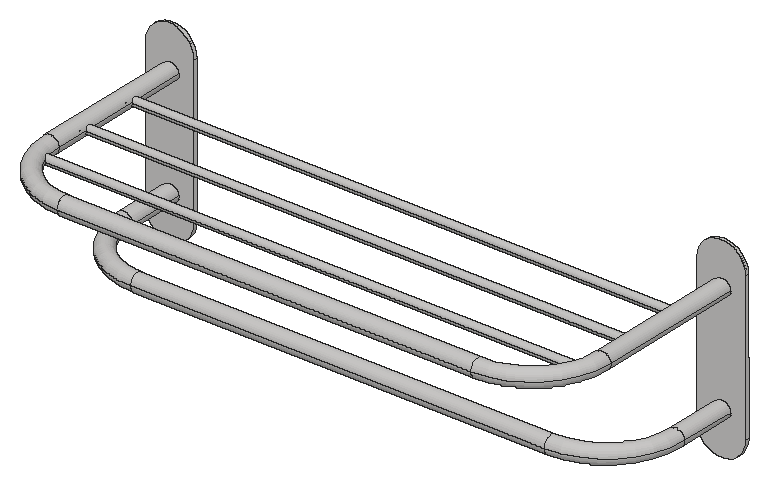
Revit family
Parameters
  Weight Limit = 0
  Warranty Duration (Years) = 0
  Unit Weight = 0
  Unit Length = 2' - 0"
  URL = "http://www.pontegiulio.com"
  Specification = "http://www.arcat.com/sd/clients/pontegiu.html?coid=43483"
  Send Message = "http://www.arcat.com/users.pl?action=UserEmail&company=Ponte%20Giulio&coid=43483&rep=132&fax=877-766-8306&mf="
  Sales Information = "http://www.pontegiulio.it/us/info.php"
  Revision = "R1_01-2010"
  Product Properties = ""
  Product Data = "http://www.arcat.com/arcatcos/cos43/arc43483.html"
  Model = "Grab Bar as Specified in 10 28 13"
  Manufacturer's Notes = ""
  Manufacturer Website = "http://www.pontegiulio.com"
  Manufacturer Phone - Toll Free = "877-766-8301 "
  Manufacturer Fax = "877-766-8306"
  Manufacturer Address = "W241 S4021 Rockwood Circle, Waukesha, WI 53189"
  Manufacturer = "Ponte Giulio"
  Maintenance Schedule (Months) = 0
  Keynote = "10 28 13"
  Installation-Fabrication = ""
  Installation Phase = ""
  Green Building-LEED = "http://www.arcat.com/green/clients/leed_data_43483.html"
  Expected Lifespan (Years) = 0
  Drawn By = "Robert S. Weygant, CSI, CDT, SCIP"
  Description = "Grab Bar as Specified in 10 28 13"
  Default Elevation = 2' - 0"
  Copyright = "2010 ARCAT, Inc"
  Construction Details = ""
  Building Codes = ""
  Bath Fixture Material [instance] = Colour - N1 - Stainless Steel
  Assembly Code = "C1030200"
Reference planes (in)
  plane 1 "Center (Front/Back)": y = 0
  plane 2: z = 0
  plane 3 "Center (Left/Right)": x = 0
  plane 4 "Center Elevation": z = 24
  plane 5: y = -10
  plane 6: x = 24
  plane 7: y = -9.625
  plane 8: y = -5.625
  plane 9: y = -6
  plane 10: y = -2.5
  plane 11: y = -5
  plane 12: y = -7.5
Forms (in)
  Extrusion 1, solid, material "Colour - N1 - Stainless Steel" <- "Bath Fixture Material"
    sketch origin (0, 0, 0) x (1, 0, 0) y (0, 0, 1)
      loop
        line (-1.0625, 27.1875) -> (-1.0625, 20.8125)
        arc (-1.0625, 20.8125) -> (0, 19.75) -> (1.0625, 20.8125) r 1.0625
        line (1.0625, 20.8125) -> (1.0625, 27.1875)
        arc (1.0625, 27.1875) -> (0, 28.25) -> (-1.0625, 27.1875) r 1.0625
      loop
        line (22.9375, 27.1875) -> (22.9375, 20.8125)
        arc (22.9375, 20.8125) -> (24, 19.75) -> (25.0625, 20.8125) r 1.0625
        line (25.0625, 20.8125) -> (25.0625, 27.1875)
        arc (25.0625, 27.1875) -> (24, 28.25) -> (22.9375, 27.1875) r 1.0625
    from 0 to 0.125
  Sweep 2, solid, material "Colour - N1 - Stainless Steel" <- "Bath Fixture Material"
    path origin (0, 0, 0) x (1, 0, 0) y (0, 1, 0)
      loop
        line (0, 0) -> (0, -6.625)
        arc (0, -6.625) -> (0.87868, -8.74632) -> (3, -9.625) r 3
        line (3, -9.625) -> (21, -9.625)
        arc (21, -9.625) -> (23.12132, -8.74632) -> (24, -6.625) r 3
        line (24, -6.625) -> (24, 0)
    profile origin (0, -3.3125, 0) x (1, 0, 0) y (0, 0, 1)
      loop
        circle (0, 26.375) r 0.375
  Sweep 3, solid, material "Colour - N1 - Stainless Steel" <- "Bath Fixture Material"
    path origin (0, 0, 0) x (1, 0, 0) y (0, 1, 0)
      loop
        line (0, 0) -> (0, -2.625)
        arc (0, -2.625) -> (0.87868, -4.74632) -> (3, -5.625) r 3
        line (3, -5.625) -> (21, -5.625)
        arc (21, -5.625) -> (23.12132, -4.74632) -> (24, -2.625) r 3
        line (24, -2.625) -> (24, 0)
    profile origin (0, -1.3125, 0) x (1, 0, 0) y (0, 0, 1)
      loop
        circle (0, 21.625) r 0.375
  Extrusion 4, solid, material "Colour - N1 - Stainless Steel" <- "Bath Fixture Material"
    sketch origin (0, 0, 0) x (0, 1, 0) y (0, 0, 1)
      loop
        circle (-7.5, 26.375) r 0.1875
      loop
        circle (-2.5, 26.375) r 0.1875
      loop
        circle (-5, 26.375) r 0.1875
    from 0 to 24
Dimensions and locks (in)
  "Default Elevation": plane 4 "Center Elevation" to level
  plane 5 to plane 1 "Center (Front/Back)" = 0' - 10"
  "Unit Length": plane 6 to plane 3 "Center (Left/Right)"
  aligned and locked: Extrusion 4 to plane 6
  aligned and locked: Extrusion 4 to plane 3 "Center (Left/Right)"
Automatic sketch dimensions
  Extrusion 1 sketch curve to plane 3 "Center (Left/Right)" = 0' - 0"
  Extrusion 1 sketch curve to plane 6 = 0' - 0"
  Extrusion 1 sketch curve to Extrusion 1 sketch curve = 0' - 1 1/16"  (x2)
  plane 4 "Center Elevation" to Extrusion 1 sketch curve = 0' - 3 3/16"  (x2)
  Extrusion 1 sketch curve to plane 4 "Center Elevation" = 0' - 3 3/16"  (x2)
  Sweep 2 sketch curve to plane 3 "Center (Left/Right)" = 0' - 0"
  Sweep 2 sketch curve to plane 7 = 0' - 0"
  Sweep 2 sketch curve to plane 6 = 0' - 0"
  Sweep 2 sketch curve to plane 1 "Center (Front/Back)" = 0' - 0"  (x2)
  plane 3 "Center (Left/Right)" to Sweep 2 sketch curve = 0' - 3"
  Sweep 2 sketch curve to plane 9 = 0' - 0 5/8"
  Sweep 2 sketch curve to profile plane = 0' - 0"
  level to Sweep 2 sketch curve = 2' - 2 3/8"
  Sweep 3 sketch curve to plane 3 "Center (Left/Right)" = 0' - 0"
  plane 7 to Sweep 3 sketch curve = 0' - 4"
  Sweep 3 sketch curve to plane 6 = 0' - 0"
  Sweep 3 sketch curve to plane 1 "Center (Front/Back)" = 0' - 0"  (x2)
  plane 3 "Center (Left/Right)" to Sweep 3 sketch curve = 0' - 3"
  plane 9 to Sweep 3 sketch curve = 0' - 3 3/8"
  Sweep 3 sketch curve to profile plane = 0' - 0"
  level to Sweep 3 sketch curve = 1' - 9 5/8"
  Extrusion 4 sketch curve to plane 12 = 0' - 0"
  Extrusion 4 sketch curve to plane 11 = 0' - 0"
  Extrusion 4 sketch curve to plane 10 = 0' - 0"
  Extrusion 4 sketch curve to plane 4 "Center Elevation" = 0' - 2 3/8"  (x3)
  radius of Sweep 2 sketch curve = 0' - 0 3/8"
  radius of Sweep 3 sketch curve = 0' - 0 3/8"
  radius of Extrusion 4 sketch curve = 0' - 0 3/16"  (x3)
